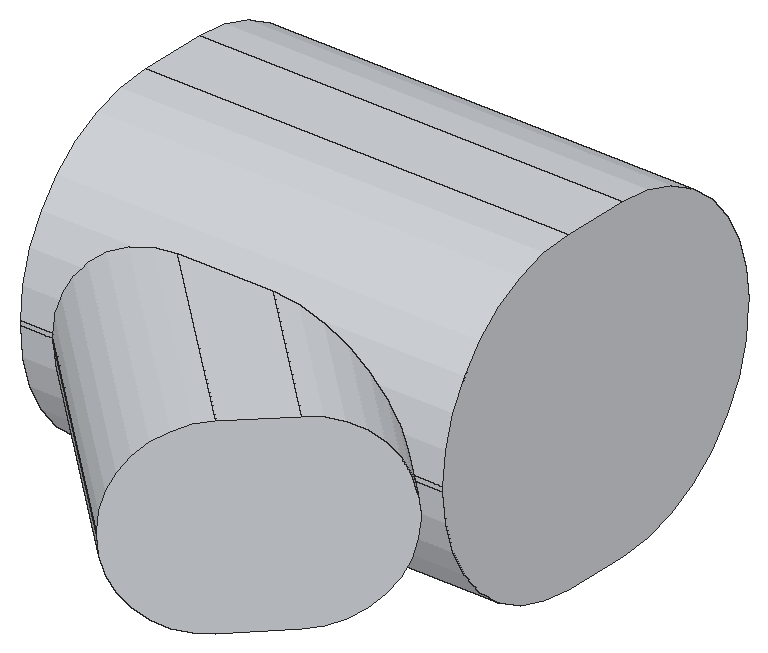
Revit family "M_T oval - Lateral", category Conexões de duto, Revit 2019
Family settings
  Cota do conector redondo = Utilizar diâmetro
  Tipo de parte = Tê  lateral
  Número OmniClass = 23.75.70.14
  Título OmniClass = Air Ductwork
  ID de item do Seek = Oval Tee - Lateral-0000-CAN-ENU
  Com base no plano de trabalho = Não
  Sempre na vertical = Sim
  Corte com vazios quando carregada = Não
  Compartilhado = Não
Parameters (values of type "Padrão")
  Largura 2 [instance] = if(Ângulo 1 > 90.00°, 2 * Largura do duto 1, 12 mm)  # 12 mm
  Largura 1 [instance] = if(Ângulo 1 < 90.00°, 2 * Largura do duto 1, 12 mm)  # 600 mm
  Comprimento 7 [instance] = abs(Comprimento do duto 1 - Comprimento do duto 2 - 0.5 * Largura do duto 3 * sin(Ângulo 2)) + Comprimento 6  # 66.289 mm
  Comprimento 6 [instance] = 12 mm
  Comprimento 5 [instance] = Comprimento do duto 3 * sin(Ângulo 1)  # 256.066 mm
  Comprimento 4 [instance] = Comprimento 1 - Comprimento do duto 3 * cos(Ângulo 1)  # 2743.934 mm
  Comprimento 3 [instance] = if(Ângulo 1 < 90.00°, (Comprimento 1 - Comprimento do duto 2 + Comprimento do duto 1), (Comprimento 1 + Comprimento do duto 2))  # 3016.421 mm
  Comprimento 2 [instance] = if(Ângulo 1 < 90.00°, (Comprimento 1 - Comprimento do duto 2), (Comprimento 1 + Comprimento do duto 2 - Comprimento do duto 1))  # 2683.579 mm
  Altura 2 [instance] = if(Ângulo 1 > 90.00°, 2 * Altura do duto 1, 12 mm)  # 12 mm
  Altura 1 [instance] = if(Ângulo 1 < 90.00°, 2 * Altura do duto 1, 12 mm)  # 500 mm
  Largura do duto 3 [instance] = 200 mm
  Largura do duto 1 [instance] = 300 mm
  Comprimento 1 [instance] = 3000 mm
  Comprimento do duto 3 [instance] = if(Ângulo 1 = 90.00°, (0.5 * Largura do duto 1 / sin(Ângulo 2) + 50 mm), (0.5 * Largura do duto 1 / sin(Ângulo 2) + 0.5 * Largura do duto 3 / tan(Ângulo 2) + 50 mm))  # 362.132 mm
  Comprimento do duto 2 [instance] = if(Ângulo 1 = 90.00°, (0.5 * Largura do duto 3 / sin(Ângulo 2) + 25 mm), (0.5 * Largura do duto 1 / tan(Ângulo 2) + 0.5 * Largura do duto 3 / sin(Ângulo 2) + 25 mm))  # 316.421 mm
  Comprimento do duto 1 [instance] = Largura do duto 3 / sin(Ângulo 2) + 50 mm  # 332.843 mm
  Altura do duto 3 [instance] = 150 mm
  Altura do duto 1 [instance] = 250 mm
  Ângulo 2 [instance] = if(Ângulo 1 < 90.00°, Ângulo 1, (180.00° - Ângulo 1))  # 45.00°
  Ângulo 1 [instance] = 45.00°
Reference planes
  plane 1 "Centro (Frente/Trás)": y = 0
  plane 2: z = 0
  plane 3 "Centro (Esquerda/Direita)": x = 0
  plane 4: x = -16.421
  plane 5: x = 316.421
  plane 6: y = -256.066
  plane 7: x = 3000
  plane 8: x = 256.066
  plane 9: x = -82.711
  plane 10: x = 382.711
Forms (mm)
  Sweep 1, solid, detail levels medium+fine
    path in 3D
      loop
        line (-16.421, 0, 0) -> (316.421, 0, 0)
    profile "M_Duto - Oval : Duto - Oval 1" origin (150, 0, 0) x (0, 1, 0) y (0, 0, 1)
      loop
        line (-150, 1.588) -> (-150, -1.587)
        arc (-150, -1.587) -> (-113.853, -88.853) -> (-26.587, -125) r 123.413
        line (-26.587, -125) -> (26.588, -125)
        arc (26.588, -125) -> (113.853, -88.853) -> (150, -1.587) r 123.413
        line (150, -1.587) -> (150, 1.587)
        arc (150, 1.587) -> (113.853, 88.853) -> (26.588, 125) r 123.413
        line (26.588, 125) -> (-26.588, 125)
        arc (-26.588, 125) -> (-113.853, 88.853) -> (-150, 1.588) r 123.413
  Sweep 2, solid, detail levels medium+fine
    path in 3D
      loop
        line (0, 0, 0) -> (256.066, -256.066, 0)
    profile "M_Duto - Oval : Duto - Oval 3" origin (128.033, -128.033, 0) x (0.707107, 0.707107, 0) y (0, 0, 1)
      loop
        line (-100, 1.588) -> (-100, -1.587)
        arc (-100, -1.587) -> (-78.498, -53.498) -> (-26.587, -75) r 73.413
        line (-26.587, -75) -> (26.588, -75)
        arc (26.588, -75) -> (78.498, -53.498) -> (100, -1.587) r 73.413
        line (100, -1.587) -> (100, 1.587)
        arc (100, 1.587) -> (78.498, 53.498) -> (26.588, 75) r 73.413
        line (26.588, 75) -> (-26.588, 75)
        arc (-26.588, 75) -> (-78.498, 53.498) -> (-100, 1.588) r 73.413
  Sweep 3, void
    path in 3D
      loop
        line (-82.711, 0, 0) -> (-16.421, 0, 0)
    profile "M_Duto - Oval : Duto - Oval 4" origin (-49.566, 0, 0) x (0, 1, 0) y (0, 0, 1)
      loop
        line (-300, 1.587) -> (-300, -1.587)
        arc (-300, -1.587) -> (-227.242, -177.242) -> (-51.587, -250) r 248.412
        line (-51.587, -250) -> (51.588, -250)
        arc (51.588, -250) -> (227.242, -177.242) -> (300, -1.587) r 248.412
        line (300, -1.587) -> (300, 1.587)
        arc (300, 1.587) -> (227.242, 177.242) -> (51.588, 250) r 248.412
        line (51.588, 250) -> (-51.588, 250)
        arc (-51.588, 250) -> (-227.242, 177.242) -> (-300, 1.587) r 248.412
  Sweep 4, void
    path in 3D
      loop
        line (316.421, 0, 0) -> (382.711, 0, 0)
    profile "M_Duto - Oval : Duto - Oval 5" origin (349.566, 0, 0) x (0, 1, 0) y (0, 0, 1)
      loop
        line (-6, 1.588) -> (-6, -1.587)
        arc (-6, -1.587) -> (-4.708, -4.708) -> (-1.587, -6) r 4.412
        line (-1.587, -6) -> (1.588, -6)
        arc (1.588, -6) -> (4.708, -4.708) -> (6, -1.587) r 4.412
        line (6, -1.587) -> (6, 1.588)
        arc (6, 1.588) -> (4.708, 4.708) -> (1.588, 6) r 4.412
        line (1.588, 6) -> (-1.587, 6)
        arc (-1.587, 6) -> (-4.708, 4.708) -> (-6, 1.588) r 4.412
Cuts and joins
  Sweep 3, Sweep 4 cuts Sweep 2
  Sweep 3, Sweep 4 cuts Sweep 1
Lines and regions (mm)
  model lines, detail levels coarse
    curve 1: line (-16.421, 0, 0) -> (316.421, 0, 0)
    curve 3: line (0, 0, 0) -> (256.066, -256.066, 0)
  sketch lines
    curve 2: line (-16.421, 0, 0) -> (316.421, 0, 0)
    curve 4: line (0, 0, 0) -> (256.066, -256.066, 0)
    curve 7: line (-82.711, 0, 0) -> (-16.421, 0, 0)
    curve 8: line (316.421, 0, 0) -> (382.711, 0, 0)
  model lines, not visible
    curve 5: line (-82.711, 0, 0) -> (-16.421, 0, 0)
    curve 6: line (316.421, 0, 0) -> (382.711, 0, 0)
Dimensions and locks
  "Comprimento 1": plane 3 "Centro (Esquerda/Direita)" to plane 7
  "Comprimento 3": plane 4 to plane 7
  "Comprimento 2": plane 5 to plane 7
  "Comprimento 5": plane 6 to plane 1 "Centro (Frente/Trás)"
  "Comprimento 4": plane 8 to plane 7
  "Comprimento 7": plane 9 to plane 4
  "Comprimento 7": plane 5 to plane 10
  aligned and locked: plane 1 "Centro (Frente/Trás)" to curve 1
  aligned and locked: plane 3 "Centro (Esquerda/Direita)" to curve 3
  aligned and locked: plane 1 "Centro (Frente/Trás)" to curve 3
  aligned and locked: plane 6 to curve 3
  aligned and locked: plane 8 to curve 3
  aligned and locked: plane 1 "Centro (Frente/Trás)" to curve 5
  aligned and locked: plane 9 to curve 5
  aligned and locked: plane 4 to curve 5
  aligned and locked: plane 5 to curve 6
  aligned and locked: plane 10 to curve 6
Connectors
  hvac at (-16.421, 0, 0), driven by "Altura do duto 1", driven by "Largura do duto 1"
    settings: on cut or joined group of Sweep 1, Sweep 3, Sweep 4, index 1, duct flow 0.0 L/s, flow factor 0, pres drop 0.0 Pa, loss coef 0, conn angle 0.00°, conn width 300 mm, conn height 250 mm, conn diameter 609.6 mm, duct sys type 28, conn prof type 2, flow config 0, flow direction 0, loss method 0, conn ref index 2, conn util no, is conn primary yes, conn desc ""
  hvac at (316.421, 0, 0), driven by "Altura do duto 1", driven by "Largura do duto 1"
    settings: on cut or joined group of Sweep 1, Sweep 3, Sweep 4, index 2, duct flow 0.0 L/s, flow factor 0, pres drop 0.0 Pa, loss coef 0, conn angle 0.00°, conn width 300 mm, conn height 250 mm, conn diameter 609.6 mm, duct sys type 28, conn prof type 2, flow config 0, flow direction 0, loss method 0, conn ref index 1, conn util no, is conn primary no, conn desc ""
  hvac at (256.066, -256.066, 0), driven by "Altura do duto 3", driven by "Largura do duto 3", driven by "Ângulo 1"
    settings: on cut or joined group of Sweep 2, Sweep 3, Sweep 4, index 3, duct flow 0.0 L/s, flow factor 0, pres drop 0.0 Pa, loss coef 0, conn angle 45.00°, conn width 200 mm, conn height 150 mm, conn diameter 609.6 mm, duct sys type 28, conn prof type 2, flow config 0, flow direction 0, loss method 0, conn ref index -1, conn util no, is conn primary no, conn desc ""
